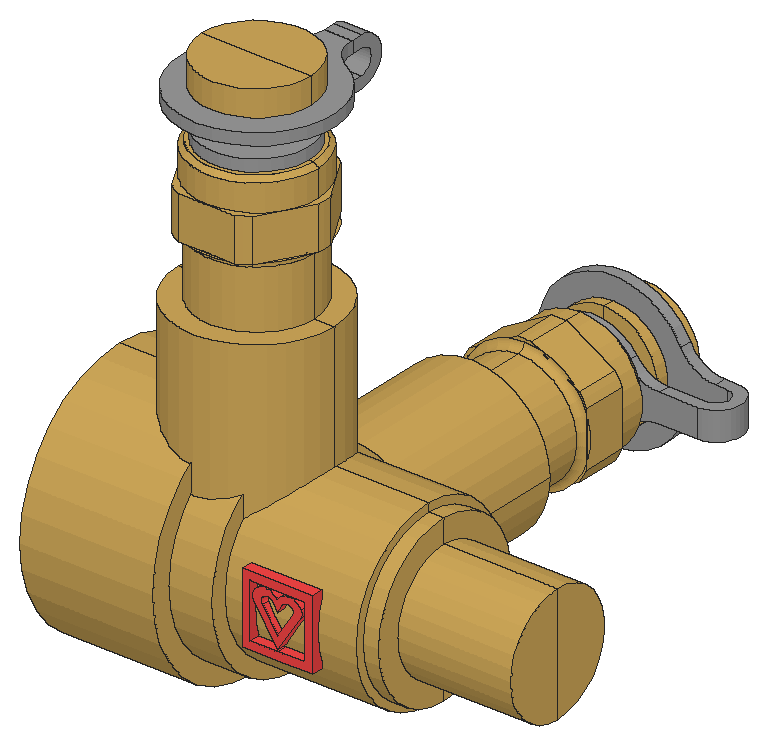
Revit family "HERZ Metering Station 4000", category Rohrzubehör, Revit 2019
Family settings
  Bemaßung runder Anschluss = Durchmesser verwenden
  Teiletyp = Unterbricht
  OmniClass-Nummer = 23.65.55.14
  OmniClass-Titel = Valves for Liquid Services
  Arbeitsebenenbasiert = Nein
  Immer vertikal = Ja
  Beim Laden mit Abzugskörper schneiden = Nein
  Gemeinsam genutzt = Nein
Parameters
  kvs-value [instance] = if(Nennweite = 15.00 mm, 2.2, if(Nennweite = 20.00 mm, 4.25, if(Nennweite = 25.00 mm, 8.6, if(Nennweite = 32.00 mm, 15.9, if(Nennweite = 40.00 mm, 23.7, if(Nennweite = 50.00 mm, 48, 0))))))  # 2.2
  URL = "www.herzvalves.com"
  SCRNSEQ = "AWI;AWI_TYP=\"1001\";02"
  SCRNCODE = "02;01;02"  # constant formula
  S03 = 10.00 mm  # constant formula
  S02 [instance] = S01 - 10.00 mm  # 17.50 mm
  S01 [instance] = H01  # 27.50 mm
  R01 [instance] = size_lookup("4000_", "R1", 1.00 mm, Nennweite)  # 10.00 mm
  Part number [instance] = size_lookup("4000_", "Artnr", 0, Nennweite)  # 1400001
  Nennweite [instance] = 15.00 mm
  Test point = "brass, CW602N"  # constant formula
  Model = "The metering station made of DZR brass has two measuring valves.\r\nAccording to EN 10226, the inlet has an internal thread Rp and the outlet an external thread R."
  Min. operating temperature = -20 °C  # constant formula
  Medium = "Water purity in accordance with the OeNORM H5195 and VDI 2035 standards.\r\nEthylene and propylene glycol can be mixed to a ratio of 25 - 50 vol. %."
  Max. operating pressure = 2000000.0 Pa  # constant formula
  Max. operating temperature (until DN32) = 130 °C  # constant formula
  Max. operating temperature (from DN40) = 110 °C  # constant formula
  LO01 [instance] = if(Nennweite = 15.00 mm, 30.00 mm, if(Nennweite = 20.00 mm, 32.00 mm, if(Nennweite = 25.00 mm, 37.00 mm, if(Nennweite = 32.00 mm, 42.00 mm, if(Nennweite = 40.00 mm, 42.00 mm, if(Nennweite = 50.00 mm, 45.00 mm, 0.00 mm))))))  # 30.00 mm
  L05 [instance] = size_lookup("4000_", "L5", 1.00 mm, Nennweite)  # 23.00 mm
  L04 [instance] = size_lookup("4000_", "L4", 1.00 mm, Nennweite)  # 16.50 mm
  L03 [instance] = size_lookup("4000_", "L3", 1.00 mm, Nennweite)  # 22.60 mm
  L02 [instance] = size_lookup("4000_", "L2", 1.00 mm, Nennweite)  # 17.00 mm
  L01 [instance] = size_lookup("4000_", "L1", 1.00 mm, Nennweite)  # 17.50 mm
  L00 [instance] = size_lookup("4000_", "L", 1.00 mm, Nennweite)  # 56.00 mm
  IG [instance] = Nennweite / 2  # 7.50 mm
  Hersteller = "HERZ Armaturen Ges.m.b.H."  # constant formula
  H01 [instance] = size_lookup("4000_", "H1", 1.00 mm, Nennweite)  # 27.50 mm
  GT1 [instance] = size_lookup("4000_", "GT1", 1.00 mm, Nennweite)  # 14.50 mm
  GT [instance] = size_lookup("4000_", "GT", 1.00 mm, Nennweite)  # 13.00 mm
  D04 [instance] = D03 - 1.00 mm  # 10.50 mm
  D03 [instance] = size_lookup("4000_", "D3", 1.00 mm, Nennweite)  # 11.50 mm
  D02 [instance] = size_lookup("4000_", "D2", 1.00 mm, Nennweite)  # 13.50 mm
  D01 [instance] = size_lookup("4000_", "D1", 1.00 mm, Nennweite)  # 16.00 mm
  Body = "brass, CC770S"  # constant formula
  Application = "HERZ metering stations are installed in the circuit of water heating and cooling systems and enable the hydraulic balancing of the circuits with one another.\r\nThe metering stations can be used in the supply line as well as in the return line.\r\nThey are either installed closely connected to a HERZ commissioning valve to form a complete set or used in connection with a HERZ shutoff valve.\r\nThe circuit is adjusted by setting the commissioning valve while measuring the pressure loss on the metering station."
  AG [instance] = Nennweite / 2  # 7.50 mm
Reference planes
  plane 1 "Mitte (Vorne/hinten)": y = 0
  plane 2: z = 0
  plane 3 "Mitte (Links/rechts)": x = 0
Forms (mm)
  Revolve 1, solid, material "Messing, weicher Gelbton, geschweißt", detail levels fine
    sketch origin (0, 0, 0) x (1, 0, 0) y (0, 0, 1)
      loop
        line (-4.5, 0) -> (38.5, 0) -> (38.5, 7.5) -> (24, 7.5) -> (24, 10.5) -> (22, 10.5) -> (22, 11.5) -> (5.1, 11.5) -> (5.1, 13.5) -> (-0.5, 13.5) -> (-0.5, 16) -> (-17.5, 16) -> (-17.5, 7.5) -> (-4.5, 7.5) -> (-4.5, 0)
      axis (-17.5, 0) -> (38.5, 0)
    angle from 0 to 360
  Revolve 2, solid, material "Messing, weicher Gelbton, geschweißt", detail levels fine
    sketch origin (0, 0, 0) x (1, 0, 0) y (0, 0, 1)
      loop
        line (-10, 7.5) -> (0, 7.5) -> (0, 27.5) -> (-10, 27.5) -> (-10, 7.5)
      axis (0, 27.5) -> (0, 7.5)
    angle from 0 to 360
  Revolve 3, solid, material "Messing, weicher Gelbton, geschweißt", detail levels fine
    sketch origin (0, 0, 0) x (1, 0, 0) y (0, 1, 0)
      loop
        line (5.5, 7.5) -> (15.5, 7.5) -> (15.5, 27.5) -> (5.5, 27.5) -> (5.5, 7.5)
      axis (5.5, 27.5) -> (5.5, 7.5)
    angle from 0 to 360
Lines and regions (mm)
  model lines, detail levels coarse+medium
    curve 1: line (-17.5, 0, 0) -> (0.5, 0, 0)
    curve 2: line (10.5, 0, -27.5) -> (10.5, 0, 27.5)
    curve 3: line (20.5, 0, 17.5) -> (20.5, 0, -17.5)
    curve 4: line (20.5, 0, 0) -> (38.5, 0, 0)
    curve 5: line (0.5, 0, 17.5) -> (0.5, 0, -17.5)
    curve 6: line (-17.5, 0, 0) -> (0.5, 0, 0)
    curve 7: line (10.5, 27.5, 0) -> (10.5, -27.5, 0)
    curve 8: line (0.5, 17.5, 0) -> (0.5, -17.5, 0)
    curve 9: line (20.5, 17.5, 0) -> (20.5, -17.5, 0)
    curve 10: line (20.5, 0, 0) -> (38.5, 0, 0)
Dimensions and locks
  "L00": Revolve 1 sketch curve to Revolve 1 sketch curve
  "GT": Revolve 1 sketch curve to Revolve 1 sketch curve
  "L01": plane 3 "Mitte (Links/rechts)" to Revolve 1 sketch curve
  "GT1": Revolve 1 sketch curve to Revolve 1 sketch curve
  "L02": Revolve 1 sketch curve to Revolve 1 sketch curve
  "L03": Revolve 1 sketch curve to Revolve 1 sketch curve
  "L04": Revolve 1 sketch curve to Revolve 1 sketch curve
  "AG": Revolve 1 sketch curve to plane 2
  "IG": Revolve 1 sketch curve to plane 2
  "D01": Revolve 1 sketch curve to plane 2
  "D02": Revolve 1 sketch curve to plane 2
  "D03": Revolve 1 sketch curve to plane 2
  "D04": Revolve 1 sketch curve to plane 2
  "D03": nested 1 to plane 1 "Mitte (Vorne/hinten)"
  "LO01": Revolve 1 to nested 1
  "IG": Revolve 2 sketch curve to plane 2
  "H01": Revolve 2 sketch curve to plane 2
  "R01": plane 3 "Mitte (Links/rechts)" to Revolve 2 sketch curve
  "H01": nested 2 to plane 2
  "IG": plane 1 "Mitte (Vorne/hinten)" to Revolve 3 sketch curve
  "H01": plane 1 "Mitte (Vorne/hinten)" to Revolve 3 sketch curve
  "R01": Revolve 3 sketch curve to Revolve 3 sketch curve
  "L05": Revolve 1 to Revolve 3 sketch curve  (x2)
  "H01": plane 1 "Mitte (Vorne/hinten)" to nested 3
  "L05": Revolve 1 to nested 3
  "L01": Revolve 1 to nested 2
  "S01": curve 2 to curve 4 to curve 2
  "L00": curve 1 to curve 4
  "S02": curve 3 to curve 4 to curve 3
  "S03": curve 2 to curve 3
  "S03": curve 2 to curve 5
  equal spacing: curve 4, curve 2, curve 1
  "S02": curve 5 to curve 1 to curve 5
  "L01": plane 3 "Mitte (Links/rechts)" to curve 1
  "L00": curve 6 to curve 10
  equal spacing: curve 6, curve 7, curve 10
  "S03": curve 8 to curve 7 to curve 9
  "S02": curve 9 to curve 10 to curve 9
  "S02": curve 8 to curve 6 to curve 8
  "S01": curve 7 to curve 10 to curve 7
  "L01": curve 6 to plane 3 "Mitte (Links/rechts)"
  aligned and locked: level to plane 2
Automatic sketch dimensions
  curve 4 to level = 0.00 mm
  curve 1 to level = 0.00 mm
  plane 1 "Mitte (Vorne/hinten)" to curve 10 = 0.00 mm
  plane 1 "Mitte (Vorne/hinten)" to curve 6 = 0.00 mm
  Revolve 1 sketch curve to level = 0.00 mm  (x2)
  Revolve 1 sketch curve to Revolve 1 sketch curve = 1489.03 mm
  Revolve 1 sketch curve to Revolve 1 sketch curve = 1800.648 mm
  Revolve 2 sketch curve to plane 3 "Mitte (Links/rechts)" = 0.00 mm  (x2)
  Revolve 2 sketch curve to level = 366.045 mm
  Revolve 2 sketch curve to Revolve 2 sketch curve = 2186.815 mm
  Revolve 3 sketch curve to Revolve 3 sketch curve = 0.00 mm  (x2)
Nested families
  nested 1: "Herz-Logo-vorne" at (12.5, -11.5, 0) x (0, 1, 0) z (0, 0, 1), type "Herz-Logo-vorne", detail levels fine
  nested 2: "Messstutzen_Band_Eintritt_senkrecht_(oben)" at (0, 0, 18.5), type "Messstutzen_Band_Eintritt_senkrecht_(oben)", detail levels fine
    with Schutzkappe yes, Nennweite 0.00 mm, Gewicht 0.00 kg, Bestellnummer 0
  nested 3: "Messstutzen_Band_Austritt_waagrecht" at (5.5, 18.5, 0) x (0, -1, 0) z (0, 0, 1), type "Messstutzen_Band_Austritt_waagrecht", detail levels fine
    with Schutzkappe yes, Nennweite 0.00 mm, Gewicht 0.00 kg, Bestellnummer 0
Connectors
  piping at (-4.5, 0, 0), diameter 15, driven by "Nennweite"
    settings: on Revolve 1, index 1, connector inside diameter 609.6 mm, connector length 0.00 mm, flow factor 0, pipe flow 0.0 L/s, pressure drop 0.0 Pa, fitting loss kfactor 0, connector angle 0.00°, fixture units 0, engagement length 0.00 mm, angle of deflection 0.00°, flow configuration 0, flow direction 1, fitting loss method 0, system type 29, joint type 0, gender type 0, connector reference index -1, connector utility 0, adjustable connector no, is connector primary yes, connector description ""
  piping at (38.5, 0, 0), diameter 15, driven by "Nennweite"
    settings: on Revolve 1, index 2, connector inside diameter 609.6 mm, connector length 0.00 mm, flow factor 0, pipe flow 0.0 L/s, pressure drop 0.0 Pa, fitting loss kfactor 0, connector angle 0.00°, fixture units 0, engagement length 0.00 mm, angle of deflection 0.00°, flow configuration 0, flow direction 2, fitting loss method 0, system type 29, joint type 0, gender type 0, connector reference index -1, connector utility 0, adjustable connector no, is connector primary no, connector description ""
Definition of nested family "Herz-Logo-vorne"
  Reference planes
    plane 1 "Mitte (Vorne/hinten)": y = 0
    plane 2: z = 0
    plane 3 "Mitte (Links/rechts)": x = 0
  Forms (mm)
    Extrusion 1, solid
      sketch origin (0.732, -0.018, 0.017) x (0, -1, 0) y (0, 0, 1)
        loop
          line (-0.018, -4.517) -> (4.482, -4.517) -> (4.482, 4.483) -> (-4.518, 4.483) -> (-4.518, -4.517) -> (-0.018, -4.517)
        loop
          line (-0.05, -3.48) -> (3.482, -3.48) -> (3.482, 3.483) -> (-3.518, 3.483) -> (-3.518, -3.48) -> (-0.05, -3.48)
        loop
          arc (-0.018, 2.383) -> (-1.543, 3.287) -> (-3.067, 2.383) r 1.738
          arc (-3.067, 2.383) -> (-3.191, 1.899) -> (-3.067, 1.415) r 1.009
          line (-3.067, 1.415) -> (-0.018, -3.281) -> (3.032, 1.415)
          arc (3.032, 1.415) -> (3.156, 1.899) -> (3.032, 2.383) r 1.009
          arc (3.032, 2.383) -> (1.507, 3.287) -> (-0.018, 2.383) r 1.738
        loop
          arc (1.885, 1.272) -> (2.005, 1.675) -> (1.885, 2.079) r 0.74
          arc (1.885, 2.079) -> (1.265, 2.416) -> (0.644, 2.079) r 0.74
          line (0.644, 2.079) -> (-0.018, 0.97) -> (-0.679, 2.079)
          arc (-0.679, 2.079) -> (-1.3, 2.416) -> (-1.921, 2.079) r 0.74
          arc (-1.921, 2.079) -> (-2.04, 1.675) -> (-1.921, 1.272) r 0.74
          line (-1.921, 1.272) -> (-0.018, -1.658) -> (1.885, 1.272)
      from 0 to 1.5
  Dimensions and locks
    aligned and locked: level to plane 2
Definition of nested family "Messstutzen_Band_Eintritt_senkrecht_(oben)"
  Parameters (values of type "Messstutzen_Band_Eintritt_senkrecht_(oben)")
    URL = "www.herz-armaturen.at"
    Schutzkappe [instance] = yes
    Nennweite [instance] = 0.00 mm
    Manufacturer = "Herz Armaturen GmbH"  # constant formula
    Gewicht [instance] = 0.00 kg
    Bestellnummer [instance] = 0
  Reference planes
    plane 1 "Mitte (Vorne/hinten)": y = 0
    plane 2: z = 0
    plane 3 "Mitte (Links/rechts)": x = 0
    plane 4 "Schlaufe 1": z = -27
    plane 5 "Schlaufe 2": z = -31.678
  Forms (mm)
    Revolve 1, solid, detail levels fine
      sketch origin (0, 0, 0) x (1, 0, 0) y (0, 0, 1)
        loop
          line (-7.4, 9) -> (-5.55, 9) -> (-5.55, 6)
          arc (-5.55, 6) -> (-5.626, 5.617) -> (-5.843, 5.293) r 1
          line (-5.843, 5.293) -> (-6.455, 4.681) -> (-6.455, 0.9) -> (-5.555, 0) -> (-2, 0) -> (-2, 17.5) -> (-8.4, 17.5)
          arc (-8.4, 17.5) -> (-7.693, 17.207) -> (-7.4, 16.5) r 1
          line (-7.4, 16.5) -> (-7.4, 9)
        loop
          line (-3.7, 27) -> (-7.3, 27) -> (-7.9, 26.4) -> (-7.9, 23) -> (-2, 23) -> (-2, 35.8) -> (-3.805, 35.8) -> (-4.415, 35.19) -> (-4.415, 30.863) -> (-3.7, 30.45) -> (-3.7, 27)
        axis (0, 0) -> (0, 35.8)
      angle from 0 to 360
    Extrusion 2, solid, detail levels fine
      sketch origin (0, 0, 17.5) x (0, 1, 0) y (-1, 0, 0)
        loop
          arc (-7.07, 5.156) -> (-7.578, 4.375) -> (-8, 3.544) r 8.75
          line (-8, 3.544) -> (-8, -3.544)
          arc (-8, -3.544) -> (-7.578, -4.375) -> (-7.07, -5.156) r 8.75
          line (-7.07, -5.156) -> (-0.93, -8.7)
          arc (-0.93, -8.7) -> (0, -8.75) -> (0.93, -8.7) r 8.75
          line (0.93, -8.7) -> (7.07, -5.156)
          arc (7.07, -5.156) -> (7.578, -4.375) -> (8, -3.544) r 8.75
          line (8, -3.544) -> (8, 3.544)
          arc (8, 3.544) -> (7.578, 4.375) -> (7.07, 5.156) r 8.75
          line (7.07, 5.156) -> (0.93, 8.7)
          arc (0.93, 8.7) -> (0, 8.75) -> (-0.93, 8.7) r 8.75
          line (-0.93, 8.7) -> (-7.07, 5.156)
      from 0 to 5.5
    Revolve 3, solid, visible <- "Schutzkappe", detail levels fine
      sketch origin (0, 0, 0) x (1, 0, 0) y (0, 0, 1)
        loop
          line (0, 35.878) -> (0, 36.678) -> (-7, 36.678) -> (-7, 33.378) -> (-6.1, 33.378) -> (-6.1, 31.678) -> (-6.9, 31.678) -> (-6.9, 30.178) -> (-4.415, 30.178) -> (-4.415, 35.268) -> (-3.805, 35.878) -> (0, 35.878)
        axis (0, 30.178) -> (0, 36.678)
      angle from 0 to 360
    Extrusion 4, solid, detail levels fine
      sketch origin (0, 0, 28.5) x (1, 0, 0) y (0, 1, 0)
        loop
          circle (0, 0) r 3.7
        loop
          arc (-3.906, 5.505) -> (0, -6.75) -> (3.906, 5.505) r 6.75
          arc (3.906, 5.505) -> (2.358, 7.288) -> (1.8, 9.582) r 5
          line (1.8, 9.582) -> (-1.8, 9.582)
          arc (-1.8, 9.582) -> (-2.358, 7.288) -> (-3.906, 5.505) r 5
      from 0 to -1.5
    Extrusion 5, solid, detail levels fine
      sketch origin (0, 0, 33.178) x (1, 0, 0) y (0, 1, 0)
        loop
          circle (0, 0) r 6.1
        loop
          arc (-4.495, 8.652) -> (0, -9.75) -> (4.495, 8.652) r 9.75
          arc (4.495, 8.652) -> (2.527, 10.493) -> (1.8, 13.089) r 5
          line (1.8, 13.089) -> (-1.8, 13.089)
          arc (-1.8, 13.089) -> (-2.527, 10.493) -> (-4.495, 8.652) r 5
      from 0 to -1.5
    Sweep 6, solid, detail levels fine
      path origin (0, 0, 0) x (0, 0, -1) y (0, -1, 0)
        loop
          line (-27.75, -9.582) -> (-27.75, -14.522)
          arc (-27.75, -14.522) -> (-30.089, -16.862) -> (-32.428, -14.522) r 2.339
          line (-32.428, -14.522) -> (-32.428, -13.089)
      profile origin (0, 12.052, 27.75) x (0, 0, 1) y (1, 0, 0)
        loop
          line (-0.75, -1.8) -> (0.75, -1.8) -> (0.75, 1.8) -> (-0.75, 1.8) -> (-0.75, -1.8)
  Dimensions and locks
    aligned and locked: level to plane 2
Definition of nested family "Messstutzen_Band_Austritt_waagrecht"
  Parameters (values of type "Messstutzen_Band_Austritt_waagrecht")
    URL = "www.herz-armaturen.at"
    Schutzkappe [instance] = yes
    Nennweite [instance] = 0.00 mm
    Manufacturer = "Herz Armaturen GmbH"  # constant formula
    Gewicht [instance] = 0.00 kg
    Bestellnummer [instance] = 0
  Reference planes
    plane 1 "Mitte (Vorne/hinten)": y = 0
    plane 2: z = 0
    plane 3 "Mitte (Links/rechts)": x = 0
  Forms (mm)
    Revolve 1, solid, detail levels fine
      sketch origin (0, 0, 0) x (0, 0, -1) y (1, 0, 0)
        loop
          line (-7.4, -9) -> (-7.4, -16.5)
          arc (-7.4, -16.5) -> (-7.693, -17.207) -> (-8.4, -17.5) r 1
          line (-8.4, -17.5) -> (-2, -17.5) -> (-2, 0) -> (-5.555, 0) -> (-6.455, -0.9) -> (-6.455, -4.681) -> (-5.843, -5.293)
          arc (-5.843, -5.293) -> (-5.626, -5.617) -> (-5.55, -6) r 1
          line (-5.55, -6) -> (-5.55, -9) -> (-7.4, -9)
        loop
          line (-3.7, -27) -> (-3.7, -30.45) -> (-4.415, -30.863) -> (-4.415, -35.19) -> (-3.805, -35.8) -> (-2, -35.8) -> (-2, -23) -> (-7.9, -23) -> (-7.9, -26.4) -> (-7.3, -27) -> (-3.7, -27)
        axis (0, 0) -> (0, -35.8)
      angle from 0 to 360
    Extrusion 2, solid, detail levels fine
      sketch origin (-17.5, 0, 0) x (0, 0, 1) y (0, 1, 0)
        loop
          line (5.156, -7.07) -> (8.7, -0.93)
          arc (8.7, -0.93) -> (8.75, 0) -> (8.7, 0.93) r 8.75
          line (8.7, 0.93) -> (5.156, 7.07)
          arc (5.156, 7.07) -> (4.375, 7.578) -> (3.544, 8) r 8.75
          line (3.544, 8) -> (-3.544, 8)
          arc (-3.544, 8) -> (-4.375, 7.578) -> (-5.156, 7.07) r 8.75
          line (-5.156, 7.07) -> (-8.7, 0.93)
          arc (-8.7, 0.93) -> (-8.75, 0) -> (-8.7, -0.93) r 8.75
          line (-8.7, -0.93) -> (-5.156, -7.07)
          arc (-5.156, -7.07) -> (-4.375, -7.578) -> (-3.544, -8) r 8.75
          line (-3.544, -8) -> (3.544, -8)
          arc (3.544, -8) -> (4.375, -7.578) -> (5.156, -7.07) r 8.75
      from 0 to 5.5
    Revolve 3, solid, visible <- "Schutzkappe", detail levels fine
      sketch origin (0, 0, 0) x (0, 0, -1) y (1, 0, 0)
        loop
          line (0, -35.878) -> (-3.805, -35.878) -> (-4.415, -35.268) -> (-4.415, -30.178) -> (-6.9, -30.178) -> (-6.9, -31.678) -> (-6.1, -31.678) -> (-6.1, -33.378) -> (-7, -33.378) -> (-7, -36.678) -> (0, -36.678) -> (0, -35.878)
        axis (0, -30.178) -> (0, -36.678)
      angle from 0 to 360
    Extrusion 4, solid, detail levels fine
      sketch origin (-27, 0, 0) x (0, 1, 0) y (0, 0, 1)
        loop
          circle (0, 0) r 3.7
        loop
          arc (5.505, 3.906) -> (-6.75, 0) -> (5.505, -3.906) r 6.75
          arc (5.505, -3.906) -> (7.288, -2.358) -> (9.582, -1.8) r 5
          line (9.582, -1.8) -> (9.582, 1.8)
          arc (9.582, 1.8) -> (7.288, 2.358) -> (5.505, 3.906) r 5
      from 0 to -1.5
    Extrusion 5, solid, detail levels fine
      sketch origin (-31.678, 0, 0) x (0, 1, 0) y (0, 0, 1)
        loop
          circle (0, 0) r 6.1
        loop
          arc (8.652, 4.495) -> (-9.75, 0) -> (8.652, -4.495) r 9.75
          arc (8.652, -4.495) -> (10.493, -2.527) -> (13.089, -1.8) r 5
          line (13.089, -1.8) -> (13.089, 1.8)
          arc (13.089, 1.8) -> (10.493, 2.527) -> (8.652, 4.495) r 5
      from 0 to -1.5
    Sweep 6, solid, detail levels fine
      path origin (0, 0, 0) x (0, -1, 0) y (1, 0, 0)
        loop
          line (-9.582, -27.75) -> (-14.522, -27.75)
          arc (-14.522, -27.75) -> (-16.862, -30.089) -> (-14.522, -32.428) r 2.339
          line (-14.522, -32.428) -> (-13.089, -32.428)
      profile origin (-27.75, 12.052, 0) x (-1, 0, 0) y (0, 0, 1)
        loop
          line (-0.75, 1.8) -> (-0.75, -1.8) -> (0.75, -1.8) -> (0.75, 1.8) -> (-0.75, 1.8)
  Cuts and joins
    joined: Extrusion 4, Extrusion 5, Sweep 6
  Dimensions and locks
    aligned and locked: level to plane 2
